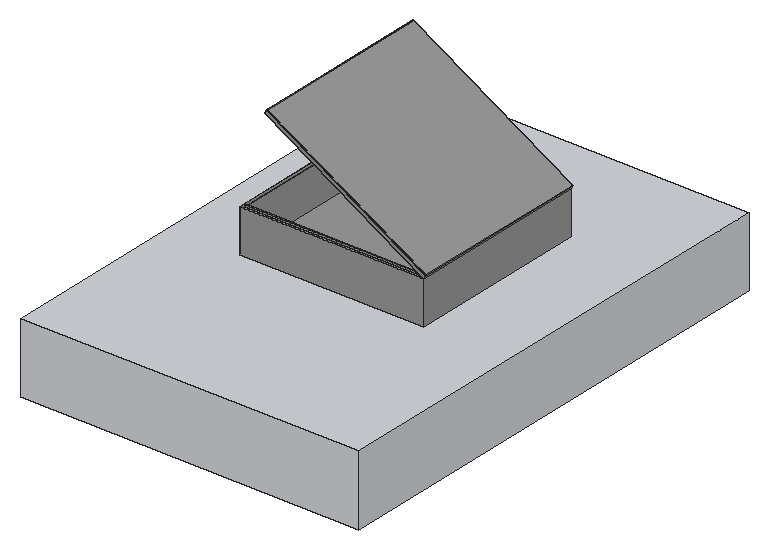
Revit family "Hager-Univers-IP44-D205-H800-Cl.II-Encl-CH-de", category Equipement électrique, Revit 2020
Family settings
  Hôte = Face
  Configuration du panneau = Deux colonnes, circuits au sein
  Cote de connecteur circulaire = Utiliser le diamètre
  Type d'élément = Tableau de raccordement
  Couper avec des vides une fois chargée = Non
  Partagée = Non
  Point de calcul de pièce = Non
Parameters (values of type "Aufputz IP44 B800 H800 T205  - FP53QS")
  Width Control [instance] = if([EF000008 - Breite] > Min Width, [EF000008 - Breite], Min Width)  # 800 mm
  Commentaires du type = [HG000003 - Bereich]  # "Univers"
  Thickness Door [instance] = if([EF009171 - Materialstärke Tür/Deckel] > 3 mm, 3 mm, [EF009171 - Materialstärke Tür/Deckel])  # 1 mm
  Seal Frame Offset [instance] = 17 mm  # constant formula
  Plinth Visibility [instance] = [HG000027 - Sockelhöhe] > 0 mm  # no
  Model = ""
  Min Width [instance] = 100 mm  # constant formula
  Min Height [instance] = 100 mm  # constant formula
  Min Depth [instance] = (2 * [EF009170 - Materialstärke Gehäuse]) + 1 mm  # 3 mm
  Internal Frame Depth [instance] = (Door System Depth * 0.5)  # 9 mm
  Height Control [instance] = if([EF000040 - Höhe] > Min Height, [EF000040 - Höhe], Min Height)  # 800 mm
  HG000027 - Sockelhöhe = 0 mm
  HG000026 - Stehend auf dem Boden = no
  HG000024 - Höhe des unteren Teils = 800 mm
  HG000023 - Gehäuse mit doppeltem Querschnitt = no
  HG000016 - 3D-Türsichtbarkeit [instance] = yes
  HG000015 - Sichtbarkeit der Türöffnung [instance] = no
  HG000014 - Tür rechts [instance] = yes
  HG000013 - Tür links [instance] = not([HG000014 - Tür rechts])  # no
  HG000012 - Türschwenkwinkel [instance] = 30.00°
  HG000010 - Asymmetrische Türen = no
  HG000009 - Doppelflügeligen Tür = no
  HG000006 - Unterputz = no
  HG000004 - Herstellerreferenz = "FP53QS"
  HG000003 - Bereich = "Univers"
  HG000002 - Mit tür = yes
  Frame Offset Bottom [instance] = 10 mm  # constant formula
  Frame Offset [instance] = 15 mm  # constant formula
  EF015940 - Deckel mit Überdruckentlastung = no
  EF011959 - Schutzart (NEMA) = ""
  EF009554 - Anzahl der Öffnungen für Flanschplatten = 6
  Fabricant = "Hager"  # constant formula
  EF009212 - Ausführung Deckel = "EV000116 - geschlossen"
  EF009171 - Materialstärke Tür/Deckel = 1 mm
  EF009170 - Materialstärke Gehäuse = 1 mm
  EF008873 - Nennstrom (In) = 250 A
  EF007800 - Geeignet für Blitzschutz = no
  EF006306 - Mit Schloss = no
  EF006244 - Transparenter Deckel/Tür = no
  EF005474 - Schutzart (IP) = "EV006418 - IP44"
  EF004464 - Art der Tür = "EV002646 - Einzel"
  EF004427 - Anzahl der Module = 180
  EF004293 - Schlagfestigkeit = "EV006815 - IK09"
  EF003532 - Geeignet für Außengebrauch = no
  EF002950 - Breite in Teilungseinheiten = 36
  EF001613 - Funktionserhalt = "EV000494 - ohne"
  EF001596 - Werkstoff des Gehäuses = "EV000179 - Stahl"
  EF001131 - Innentiefe = 143 mm
  EF001088 - Anbaumöglichkeit = yes
  EF000437 - Anzahl der Leitungseinführungen = 6
  EF000339 - Art der Abdeckung = "EV001012 - Deckel"
  EF000266 - Anzahl der Reihen = 5
  EF000218 - Einbautiefe = 0 mm
  EF000118 - Mit Montageplatte = no
  EF000116 - RAL-Nummer = "9010"
  EF000049 - Tiefe = 205 mm
  EF000040 - Höhe = 800 mm
  EF000008 - Breite = 800 mm
  EF000007 - Farbe = "EV000202 - weiß"
  EF000003 - Montageart = "EV000384 - Aufputz"
  Door System Leaf Tolerance [instance] = 1.5 mm  # constant formula
  Door System Depth [instance] = 18 mm  # constant formula
  Door Height [instance] = Height Control - [HG000027 - Sockelhöhe]  # 800 mm
  Depth Control [instance] = if([EF000049 - Tiefe] > Min Depth, [EF000049 - Tiefe], Min Depth)  # 205 mm
  Default Elevation = 0 mm
  Connector Offset [instance] = Height Control / 2  # 400 mm
  Bottom Top Plate Trim [instance] = 1.5 mm  # constant formula
  Plinth height Ctrl [instance] = if([HG000027 - Sockelhöhe] > 0 mm, [HG000027 - Sockelhöhe], 12 mm)  # 12 mm
Types (5, lengths in mm): name | Width Control | HG000009 - Doppelflügeligen Tür | HG000004 - Herstellerreferenz | EF009554 - Anzahl der Öffnungen für Flanschplatten | EF004464 - Art der Tür | EF004427 - Anzahl der Module | EF002950 - Breite in Teilungseinheiten | EF000437 - Anzahl der Leitungseinführungen | EF000008 - Breite
  Aufputz IP44 B1050 H800 T205  - FP54QS | 1050 | no | "FP54QS" | 8 | "EV003602 - Doppel" | 240 | 48 | 8 | 1050
  Aufputz IP44 B1300 H800 T205  - FP55QS | 1300 | yes | "FP55QS" | 10 | "EV003602 - Doppel" | 300 | 60 | 10 | 1300
  Aufputz IP44 B300 H800 T205  - FP51QS | 300 | no | "FP51QS" | 2 | "EV002646 - Einzel" | 60 | 12 | 2 | 300
  Aufputz IP44 B550 H800 T205  - FP52QS | 550 | no | "FP52QS" | 4 | "EV002646 - Einzel" | 120 | 24 | 4 | 550
  Aufputz IP44 B800 H800 T205  - FP53QS | 800 | no | "FP53QS" | 6 | "EV002646 - Einzel" | 180 | 36 | 6 | 800
Reference planes
  plane 1 "Center (Front/Back)": y = 0
  plane 2: z = 0
  plane 3 "Center (Left/Right)": x = 0
  plane 4: z = 205
  plane 5: y = 1
  plane 6: y = 400
  plane 7: y = 0
  plane 8: y = 800
  plane 9: z = 0
  plane 10: x = -385
  plane 11: x = 385
  plane 12: x = 384
  plane 13: x = -384
  plane 14: y = 799
  plane 15: x = -383
  plane 16: x = -400
  plane 17: x = 383
  plane 18: x = 400
  plane 19: x = 399
  plane 20: x = -399
  plane 21: y = 11
  plane 22: y = 800
  plane 23: y = 784
  plane 24: z = 187
  plane 25: z = 1
  plane 26: z = 186
  plane 27: z = 204
Forms (mm)
  Extrusion 1, solid
    sketch origin (0, 0, 0) x (1, 0, 0) y (0, 1, 0)
      loop
        line (-702.964, 1305) -> (-702.964, -811.445) -> (766.763, -811.445) -> (766.763, 1305) -> (-702.964, 1305)
    from 0 to -304.8
  Extrusion 2, solid, material "Hager_Steel_RAL7035_Light_Grey", visible <- "Plinth Visibility", detail levels medium+fine
    sketch origin (0, 0, 0) x (1, 0, 0) y (0, 1, 0)
      loop
        line (-400, 0) -> (400, 0) -> (400, 12) -> (-400, 12) -> (-400, 0)
    from 0 to 187
  Extrusion 3, solid, material "Hager_Steel_RAL7035_Light_Grey", detail levels medium+fine
    sketch origin (0, 0, 0) x (1, 0, 0) y (0, 1, 0)
      loop
        line (-400, 0) -> (400, 0) -> (400, 800) -> (-400, 800) -> (-400, 0)
    from 0 to 187
  Extrusion 4, void
    sketch origin (0, 0, 0) x (1, 0, 0) y (0, 1, 0)
      loop
        line (-399, 1) -> (399, 1) -> (399, 799) -> (-399, 799) -> (-399, 1)
    from 1 to 186
  Extrusion 5, void
    sketch origin (-381.607, -4572, 187) x (0, -1, 0) y (-1, 0, 0)
      loop
        line (-4583, 2.393) -> (-5356, 2.393) -> (-5356, -765.607) -> (-4583, -765.607) -> (-4583, 2.393)
    from 0 to 1 <- "EF009170 - Materialstärke Gehäuse"
  Extrusion 6, solid, material "Hager_Steel_RAL7035_Light_Grey", detail levels fine
    sketch origin (0, 0, 187) x (1, 0, 0) y (0, 1, 0)
      loop
        line (-384, 784) -> (-384, 11) -> (384, 11) -> (384, 784) -> (-384, 784)
      loop
        line (-385, 10) -> (385, 10) -> (385, 785) -> (-385, 785) -> (-385, 10)
    from 0 to 9 <- "Internal Frame Depth"
  Extrusion 7, solid, material "Hager_Steel_RAL7035_Light_Grey", detail levels coarse
    sketch origin (0, 0, 0) x (1, 0, 0) y (0, 1, 0)
      loop
        line (-400, 0) -> (400, 0) -> (400, 800) -> (-400, 800) -> (-400, 0)
    from 0 to 205
  Sweep 8, void
    path in 3D
      loop
        line (-400, 12, 0) -> (400, 12, 0) -> (400, 12, 187) -> (-400, 12, 187) -> (-400, 12, 0)
    profile origin (-400, 12, 93.5) x (-1, 0, 0) y (0, -1, 0)
      loop
        line (0, 0) -> (0, 1.5) -> (-1.5, 1.5)
        arc (-1.5, 1.5) -> (-1.061, 0.439) -> (0, 0) r 1.5
Cuts and joins
  Extrusion 4, Extrusion 5 cuts Extrusion 3
  Sweep 8 cuts Extrusion 2
Lines and regions (mm)
  Masking region 1
    outline origin (0, 0, 0) x (1, 0, 0) y (0, 0, 1)
      loop
        line (-400, 205) -> (-400, 0) -> (400, 0) -> (400, 205) -> (-400, 205)
  Masking region 2, detail levels medium+fine
    outline origin (0, 140, 0) x (0, 1, 0) y (0, 0, 1)
      loop
        line (-140, 0) -> (660, 0) -> (660, 187) -> (-140, 187) -> (-140, 0)
  Masking region 3, not visible, detail levels medium+fine
    outline origin (0, 297.922, 0) x (0, 1, 0) y (0, 0, 1)
      loop
        line (113.578, 0) -> (153.578, 0) -> (153.578, 194)
        arc (153.578, 194) -> (150.649, 201.071) -> (143.578, 204) r 10
        line (143.578, 204) -> (113.578, 204) -> (113.578, 0)
  Masking region 4, detail levels coarse
    outline origin (0, 0, 180) x (0, 1, 0) y (0, 0, 1)
      loop
        line (0, -180) -> (800, -180) -> (800, 25) -> (0, 25) -> (0, -180)
  Masking region 5, visible <- "Plinth Visibility", detail levels medium+fine
    outline origin (0, 52.24, 12.345) x (0, 0, -1) y (0, 1, 0)
      loop
        line (10.845, -40.24) -> (-173.155, -40.24)
        arc (-173.155, -40.24) -> (-173.594, -41.301) -> (-174.655, -41.74) r 1.5
        line (-174.655, -41.74) -> (-174.655, -52.24) -> (12.345, -52.24) -> (12.345, -41.74)
        arc (12.345, -41.74) -> (11.285, -41.301) -> (10.845, -40.24) r 1.5
  Masking region 6, detail levels medium+fine
    outline origin (-381.607, -4572, 187) x (-1, 0, 0) y (0, -1, 0)
      loop
        line (18.393, -5372) -> (18.393, -4572) -> (-781.607, -4572) -> (-781.607, -5372) -> (18.393, -5372)
  Masking region 7, visible <- "Plinth Visibility", detail levels medium+fine
    outline origin (-381.607, -4727, 187) x (-1, 0, 0) y (0, -1, 0)
      loop
        arc (16.893, -4739) -> (17.332, -4737.939) -> (18.393, -4737.5) r 1.5
        line (18.393, -4737.5) -> (18.393, -4727) -> (-781.607, -4727) -> (-781.607, -4737.5)
        arc (-781.607, -4737.5) -> (-780.546, -4737.939) -> (-780.107, -4739) r 1.5
        line (-780.107, -4739) -> (16.893, -4739)
  Masking region 8, detail levels coarse
    outline origin (-442.548, -4669.526, 187) x (-1, 0, 0) y (0, -1, 0)
      loop
        line (-42.548, -5469.526) -> (-42.548, -4669.526) -> (-842.548, -4669.526) -> (-842.548, -5469.526) -> (-42.548, -5469.526)
  sketch lines
    curve 1: line (-400, 12, 187) -> (-400, 12, 0)
    curve 2: line (400, 12, 187) -> (-400, 12, 187)
    curve 3: line (400, 12, 187) -> (400, 12, 0)
    curve 4: line (-400, 12, 0) -> (400, 12, 0)
Dimensions and locks
  "Depth Control": plane 4 to Extrusion 1
  "HG000027 - Sockelhöhe": plane 1 "Center (Front/Back)" to plane 7
  "EF009170 - Materialstärke Gehäuse": plane 5 to plane 7
  locked: connector elem to plane 3 "Center (Left/Right)"
  equal spacing: plane 8, plane 6, plane 7
  locked: connector elem to plane 6
  "EF009170 - Materialstärke Gehäuse": plane 8 to plane 14
  "EF009170 - Materialstärke Gehäuse": plane 10 to plane 13
  "EF009170 - Materialstärke Gehäuse": plane 12 to plane 11
  "Frame Offset": plane 20 to plane 13
  "Frame Offset": plane 12 to plane 19
  "EF009170 - Materialstärke Gehäuse": plane 16 to plane 20
  "EF009170 - Materialstärke Gehäuse": plane 19 to plane 18
  "Seal Frame Offset": plane 16 to plane 15
  "Seal Frame Offset": plane 17 to plane 18
  "Frame Offset Bottom": plane 21 to plane 5
  "Frame Offset": plane 14 to plane 23
  equal spacing: plane 16, plane 3 "Center (Left/Right)", plane 18
  "Width Control": plane 16 to plane 18
  "EF009170 - Materialstärke Gehäuse": plane 4 to plane 27
  "EF009170 - Materialstärke Gehäuse": plane 24 to plane 26
  "EF009170 - Materialstärke Gehäuse": plane 25 to level
  "Door System Depth": plane 4 to plane 24
  "Height Control": plane 1 "Center (Front/Back)" to Extrusion 7 sketch curve
  "Height Control": Masking region 4 sketch curve to plane 1 "Center (Front/Back)"
  "Height Control": plane 1 "Center (Front/Back)" to plane 22
  "Bottom Top Plate Trim": profile plane to Sweep 8 sketch curve
  "Bottom Top Plate Trim": Sweep 8 sketch curve to profile plane
  "Plinth height Ctrl": plane 1 "Center (Front/Back)" to Extrusion 2 sketch curve
  "Plinth height Ctrl": Masking region 5 sketch curve to plane 1 "Center (Front/Back)"
  "Plinth height Ctrl": plane 1 "Center (Front/Back)" to Masking region 7 sketch curve
  "Thickness Door": Extrusion 6 sketch curve to Extrusion 6 sketch curve  (x3)
  "Thickness Door": cut or joined group of Extrusion 3, Extrusion 4, Extrusion 5 to Extrusion 6 sketch curve
  radius of Masking region 3 sketch curve = 10 mm
  "Bottom Top Plate Trim": radius of Masking region 5 sketch curve  (x2)
  "Bottom Top Plate Trim": radius of Sweep 8 sketch curve
  "Bottom Top Plate Trim": radius of Masking region 7 sketch curve  (x2)
  aligned and locked: plane 2 to Extrusion 1
  aligned and locked: level to Extrusion 1
  aligned and locked: level to Masking region 1 sketch curve
  aligned and locked: Masking region 1 sketch curve to plane 18
  aligned and locked: Masking region 1 sketch curve to plane 16
  aligned and locked: plane 7 to Masking region 2 sketch curve
  aligned and locked: level to Masking region 3 sketch curve
  aligned and locked: Masking region 3 sketch curve to plane 27
  aligned and locked: level to Masking region 2 sketch curve
  aligned and locked: plane 1 "Center (Front/Back)" to Extrusion 2 sketch curve
  aligned and locked: Extrusion 3 sketch curve to plane 7
  aligned and locked: plane 16 to Extrusion 3 sketch curve
  aligned and locked: plane 18 to Extrusion 3 sketch curve
  aligned and locked: plane 20 to Extrusion 4 sketch curve
  aligned and locked: plane 19 to Extrusion 4 sketch curve
  aligned and locked: Extrusion 4 sketch curve to plane 5
  aligned and locked: Extrusion 4 to plane 25
  aligned and locked: plane 26 to Extrusion 4
  aligned and locked: plane 24 to Extrusion 3
  aligned and locked: Extrusion 5 sketch curve to plane 21
  aligned and locked: Extrusion 5 sketch curve to plane 13
  aligned and locked: Extrusion 5 sketch curve to plane 12
  aligned and locked: plane 18 to Extrusion 7 sketch curve
  aligned and locked: plane 1 "Center (Front/Back)" to Extrusion 7 sketch curve
  aligned and locked: plane 16 to Extrusion 7 sketch curve
  aligned and locked: plane 4 to Extrusion 7
  aligned and locked: Extrusion 7 to level
  aligned and locked: level to Masking region 4 sketch curve
  aligned and locked: Masking region 4 sketch curve to plane 1 "Center (Front/Back)"
  aligned and locked: Masking region 4 sketch curve to plane 4
  aligned and locked: nested 1 to level
  aligned and locked: nested 1 to plane 16
  aligned and locked: plane 8 to Extrusion 3 sketch curve
  aligned and locked: plane 23 to Extrusion 5 sketch curve
  aligned and locked: plane 14 to Extrusion 4 sketch curve
  aligned and locked: Masking region 2 sketch curve to plane 8
  aligned and locked: level to Masking region 5 sketch curve
  aligned and locked: plane 16 to Extrusion 2 sketch curve
  aligned and locked: plane 18 to Extrusion 2 sketch curve
  aligned and locked: Masking region 5 sketch curve to plane 24
  aligned and locked: Masking region 2 sketch curve to plane 24
  aligned and locked: plane 24 to Extrusion 2
  aligned and locked: profile plane to Sweep 8 sketch curve  (x2)
  aligned and locked: Masking region 6 sketch curve to plane 18
  aligned and locked: Masking region 6 sketch curve to plane 22
  aligned and locked: Masking region 6 sketch curve to plane 16
  aligned and locked: plane 8 to plane 22
  aligned and locked: Masking region 6 sketch curve to plane 7
  aligned and locked: Masking region 7 sketch curve to plane 16
  aligned and locked: Masking region 7 sketch curve to plane 1 "Center (Front/Back)"
  aligned and locked: Masking region 7 sketch curve to plane 18
  aligned and locked: Masking region 8 sketch curve to plane 1 "Center (Front/Back)"
  aligned and locked: Masking region 8 sketch curve to plane 18
  aligned and locked: Masking region 8 sketch curve to plane 22
  aligned and locked: Masking region 8 sketch curve to plane 16
  aligned and locked: nested 2 to plane 7
  aligned and locked: plane 3 "Center (Left/Right)" to nested 2
  aligned and locked: nested 2 to plane 24
  aligned and locked: Extrusion 6 sketch curve to cut or joined group of Extrusion 3, Extrusion 4, Extrusion 5  (x4)
Automatic sketch dimensions
  Extrusion 1 sketch curve to Extrusion 1 sketch curve = 1469.727 mm
  Extrusion 1 sketch curve to Extrusion 1 sketch curve = 2116.445 mm
  Masking region 1 sketch curve to plane 4 = 0 mm
  plane 6 to Masking region 3 sketch curve = 11.5 mm
  Masking region 3 sketch curve to Masking region 3 sketch curve = 30 mm
  Masking region 5 sketch curve to plane 1 "Center (Front/Back)" = 0 mm
Nested families
  nested 1: "Hager_Enclosure_Symbol" at (-400, 0, 0) x (1, 0, 0) z (0, -1, 0), Height <- "Depth Control", Width <- "Width Control", type "Hager_Enclosure_Symbol"
    with Width_Ctrl 800 mm, Width 800 mm, Height_Ctrl 205 mm, Height 205 mm, A_Width_Int 13.453 mm, A_Width 161.438 mm, A_Height_Ctrl 179.375 mm, A_Height 179.375 mm
  nested 2: "EC000058_Univers_Door" at (0, 0, 187) x (1, 0, 0) z (0, 1, 0), Leaf_Tolerance <- "Door System Leaf Tolerance", Angle <- "HG000012 - Türschwenkwinkel", Door_Depth <- "Door System Depth", Door_Left <- "HG000013 - Tür links", Transparent <- "EF006244 - Transparenter Deckel/Tür", Assymetrical <- "HG000010 - Asymmetrische Türen", Width <- "Width Control", Clearance <- "HG000015 - Sichtbarkeit der Türöffnung", Double <- "HG000009 - Doppelflügeligen Tür", 3d_Door <- "HG000016 - 3D-Türsichtbarkeit", Lock_Visibility <- "EF006306 - Mit Schloss", Width_Ctrl <- "Width Control", Door_Right <- "HG000014 - Tür rechts", Door <- "HG000002 - Mit tür", Height <- "Door Height", Thickness <- "Thickness Door", type "EC000058_Univers_Door", detail levels medium+fine
    with min_wh 3 mm, Width_Ctrl 800 mm, Width 800 mm, Transparent no, Thickness 1 mm, Seal_Material Hager_Rubber, Lock_Visibility no, Lock_Material Hager_Plastic_RAL9005_Jet_Black, Leaf_Width 800 mm, Leaf_Tolerance_External_Sides 0 mm, Leaf_Tolerance 1.5 mm, Leaf_Offset 0 mm, Leaf_Height 797 mm, Leaf_2_Width 800 mm, Leaf_2_Offset 400 mm, Leaf_1_Width 800 mm, Leaf_1_Offset 400 mm, Height_Ctrl 800 mm, Height 800 mm, Glass_Material Hager_Glass, Double_Clearance_Ctrl no, Double no, Door_Right_Ctrl yes, Door_Right yes, Door_Material Hager_Steel_RAL7035_Light_Grey, Door_Left_Ctrl no, Door_Left no, Door_Depth 18 mm, Door yes, Clearance_Material Hager_Clearance, Clearance_Depth 800 mm, Clearance_Ctrl no, Clearance no, Assymetrical no, Angle 30.00°, 3d_Door yes
Connectors
  electrical at (0, 400, 0)
    settings: on plane 9, index 1, voltage 0 V, apparent load 0 VA, apparent load phase1 0 VA, apparent load phase2 0 VA, apparent load phase3 0 VA, power factor 1, load classification "Other", number of poles 1, system type 30, power factor state 1, is connector primary yes, connector utility no, sub classification motor no, connector description ""
Definition of nested family "EC000058_Univers_Door"
  Parameters (values of type "EC000058_Univers_Door")
    min_wh [instance] = (2 * Thickness) + 1 mm  # 11 mm
    Width_Ctrl [instance] = 400 mm
    Width [instance] = 500 mm
    Transparent [instance] = yes
    Thickness [instance] = 5 mm
    Seal_Material [instance] = none
    Lock_Visibility [instance] = yes
    Lock_Material [instance] = none
    Leaf_Width [instance] = if((Width_Ctrl - 2 * Leaf_Tolerance_External_Sides) > 0 mm, (Width_Ctrl - 2 * Leaf_Tolerance_External_Sides), min_wh)  # 400 mm
    Leaf_Tolerance_External_Sides [instance] = 0 mm  # constant formula
    Leaf_Tolerance [instance] = 1.5 mm
    Leaf_Offset [instance] = 0 mm  # constant formula
    Leaf_Height [instance] = if((Height_Ctrl - 2 * Leaf_Tolerance) > 0 mm, (Height_Ctrl - 2 * Leaf_Tolerance), min_wh)  # 497 mm
    Leaf_2_Width [instance] = if(and(and(Double, Assymetrical), Door_Left), (Leaf_Width / 3) - (Leaf_Tolerance / 2), if(and(and(Double, Assymetrical), Door_Right), (Leaf_Width / 3) * 2 - (Leaf_Tolerance / 2), if(and(Double, not(Assymetrical)), (Leaf_Width / 2) - Leaf_Tolerance, Leaf_Width)))  # 400 mm
    Leaf_2_Offset [instance] = if(and(Double, Assymetrical), Leaf_2_Width / 2, if(and(Double, not(Assymetrical)), Leaf_Width / 4, Leaf_Width / 2))  # 200 mm
    Leaf_1_Width [instance] = if(and(and(Double, Assymetrical), Door_Right), (Leaf_Width / 3) - (Leaf_Tolerance / 2), if(and(and(Double, Assymetrical), Door_Left), (Width / 3) * 2 - (Leaf_Tolerance / 2), if(and(Double, not(Assymetrical)), (Leaf_Width / 2) - Leaf_Tolerance, Leaf_Width)))  # 400 mm
    Leaf_1_Offset [instance] = if(and(Double, Assymetrical), Leaf_1_Width / 2, if(and(Double, not(Assymetrical)), Leaf_Width / 4, Leaf_Width / 2))  # 200 mm
    Height_Ctrl [instance] = if(Height > min_wh, Height, min_wh)  # 500 mm
    Height [instance] = 500 mm
    Glass_Material [instance] = none
    Double_Clearance_Ctrl [instance] = and(Double, Clearance)  # no
    Double [instance] = no
    Door_Right_Ctrl [instance] = and(or(Door_Right, Double), Door)  # yes
    Door_Right [instance] = yes
    Door_Material [instance] = none
    Door_Left_Ctrl [instance] = and(or(Door_Left, Double), Door)  # no
    Door_Left [instance] = no
    Door_Depth [instance] = 30 mm
    Door [instance] = yes
    Default Elevation = 1219.2 mm
    Clearance_Material [instance] = none
    Clearance_Depth [instance] = if(Leaf_1_Width > Leaf_2_Width, Leaf_1_Width, Leaf_2_Width)  # 400 mm
    Clearance_Ctrl [instance] = and(not(Double), Clearance)  # yes
    Clearance [instance] = yes
    Assymetrical [instance] = yes
    Angle [instance] = 30.00°
    3d_Door [instance] = yes
  Reference planes
    plane 1 "Center (Front/Back)": y = 0
    plane 2 "Bottom": z = 0
    plane 3 "Center (Left/Right)": x = 0
    plane 4: z = 500
    plane 5: x = -200
    plane 6: x = 200
    plane 7: z = 500
    plane 8: x = -200
    plane 9: z = 0
    plane 10: x = 200
    plane 11: y = 0
    plane 12: z = 1.5
    plane 13: x = -600
    plane 14: y = -400
    plane 15: x = 600
    plane 16: x = 0
    plane 17: x = 0
    plane 18: x = -200
    plane 19: x = 200
    plane 20: z = 498.5
  Forms (mm)
    Extrusion 1, solid, material <- "Clearance_Material", visible <- "Double_Clearance_Ctrl"
      sketch origin (1200, 0, 0) x (1, 0, 0) y (0, 0, -1)
        loop
          line (-1800, -498.5) -> (-600, -498.5) -> (-600, 0) -> (-1800, 0) -> (-1800, -498.5)
      from 0 to -400
  Dimensions and locks
    equal spacing: plane 5, plane 3 "Center (Left/Right)", plane 6
    "Width_Ctrl": plane 5 to plane 6
    "Leaf_Offset": plane 5 to plane 8
    "Leaf_Offset": plane 6 to plane 10
    "Leaf_Offset": plane 9 to level
    "Leaf_Offset": plane 4 to plane 7
    "Height_Ctrl": plane 4 to level
    "Leaf_Tolerance": plane 12 to plane 9
    locked: plane 11 to plane 1 "Center (Front/Back)"
    "Leaf_1_Offset": plane 18 to plane 16
    "Leaf_2_Offset": plane 17 to plane 19
    "Leaf_1_Width": plane 13 to plane 8
    "Leaf_2_Width": plane 10 to plane 15
    "Clearance_Depth": plane 14 to plane 1 "Center (Front/Back)"
    "Leaf_Tolerance_External_Sides": plane 8 to plane 18
    "Leaf_Tolerance_External_Sides": plane 19 to plane 10
    "Leaf_Tolerance": plane 7 to plane 20
    aligned and locked: level to plane 2 "Bottom"
    aligned and locked: nested 1 to plane 16
    aligned and locked: nested 2 to plane 17
    aligned and locked: Extrusion 1 to plane 13
    aligned and locked: plane 15 to Extrusion 1
    aligned and locked: Extrusion 1 to plane 14
    aligned and locked: plane 12 to nested 1
    aligned and locked: nested 2 to plane 12
    aligned and locked: Extrusion 1 to plane 11
    aligned and locked: plane 20 to Extrusion 1
    aligned and locked: nested 2 to plane 11
    aligned and locked: nested 1 to plane 11
  Automatic sketch dimensions
    Extrusion 1 sketch curve to level = 0 mm
    plane 5 to Extrusion 1 sketch curve = 400 mm
    plane 6 to Extrusion 1 sketch curve = 400 mm
    Extrusion 1 sketch curve to plane 4 = 1.5 mm
  Nested families
    nested 1: "EC000058_Univers_Door_Leaf" at (0, 0, 1.5), Width <- "Leaf_1_Width", visible <- "Door_Left_Ctrl", Leaf_Height <- "Leaf_Height", Angle <- "Angle", 3d_Door <- "3d_Door", Transparent <- "Transparent", Clearance Material <- "Clearance_Material", Clearance <- "Clearance_Ctrl", Door_Material <- "Door_Material", Glass_Material <- "Glass_Material", Door_Depth <- "Door_Depth", Lock_Material <- "Lock_Material", Seal_Material <- "Seal_Material", Lock_Visibility <- "Lock_Visibility", Thickness <- "Thickness", type "EC000058_Univers_Door_Leaf"
      with Width 400 mm, Transparent_Glass_Offset 30 mm, Transparent_Ctrl yes, Transparent yes, Thickness 5 mm, Standard no, Seal_Material none, Seal_D2 8 mm, Seal_D1 1 mm, Offset_Internal_Frame 10 mm, Lock_Width 20 mm, Lock_Visibility_3d yes, Lock_Visibility yes, Lock_Thickness_3 3 mm, Lock_Thickness_2 1 mm, Lock_Thickness_1 3 mm, Lock_Radius_Offset_2 16 mm, Lock_Radius_Offset_1 15 mm, Lock_Radius_2 5 mm, Lock_Radius 6 mm, Lock_Offset 5 mm, Lock_Material none, Lock_Height 80 mm, Lock_Cover_Top_Offset_2d 17 mm, Lock_Cover_Height -65 mm, Leaf_Height 497 mm, Internal_Seal_Thickness 8 mm, Internal_Seal_Depth_2 4.5 mm, Internal_Frame_Depth 25 mm, Glass_Thickness -1 mm, Glass_Offset -2 mm, Glass_Material none, Door_Material none, Door_Depth 30 mm, Clearance Material none, Clearance yes, Angle_Ctrl 30.00°, Angle 30.00°, 3d_Door yes
    nested 2: "EC000058_Univers_Door_Leaf" at (0, 0, 1.5) x (-1, 0, 0) z (0, 0, 1), Width <- "Leaf_2_Width", visible <- "Door_Right_Ctrl", Leaf_Height <- "Leaf_Height", Angle <- "Angle", 3d_Door <- "3d_Door", Transparent <- "Transparent", Clearance Material <- "Clearance_Material", Clearance <- "Clearance_Ctrl", Door_Material <- "Door_Material", Glass_Material <- "Glass_Material", Door_Depth <- "Door_Depth", Lock_Material <- "Lock_Material", Seal_Material <- "Seal_Material", Lock_Visibility <- "Lock_Visibility", Thickness <- "Thickness", type "EC000058_Univers_Door_Leaf"
      with Width 400 mm, Transparent_Glass_Offset 30 mm, Transparent_Ctrl yes, Transparent yes, Thickness 5 mm, Standard no, Seal_Material none, Seal_D2 8 mm, Seal_D1 1 mm, Offset_Internal_Frame 10 mm, Lock_Width 20 mm, Lock_Visibility_3d yes, Lock_Visibility yes, Lock_Thickness_3 3 mm, Lock_Thickness_2 1 mm, Lock_Thickness_1 3 mm, Lock_Radius_Offset_2 16 mm, Lock_Radius_Offset_1 15 mm, Lock_Radius_2 5 mm, Lock_Radius 6 mm, Lock_Offset 5 mm, Lock_Material none, Lock_Height 80 mm, Lock_Cover_Top_Offset_2d 17 mm, Lock_Cover_Height -65 mm, Leaf_Height 497 mm, Internal_Seal_Thickness 8 mm, Internal_Seal_Depth_2 4.5 mm, Internal_Frame_Depth 25 mm, Glass_Thickness -1 mm, Glass_Offset -2 mm, Glass_Material none, Door_Material none, Door_Depth 30 mm, Clearance Material none, Clearance yes, Angle_Ctrl 30.00°, Angle 30.00°, 3d_Door yes
  Definition of nested family "EC000058_Univers_Door_Leaf"
    Parameters (values of type "EC000058_Univers_Door_Leaf")
      Width [instance] = 2000 mm
      Transparent_Glass_Offset [instance] = 30 mm
      Transparent_Ctrl [instance] = and(Transparent, [3d_Door])  # yes
      Transparent [instance] = yes
      Thickness [instance] = 5 mm
      Standard [instance] = and(not(Transparent), [3d_Door])  # no
      Seal_Material [instance] = none
      Seal_D2 [instance] = 8 mm  # constant formula
      Seal_D1 [instance] = 1 mm  # constant formula
      Offset_Internal_Frame [instance] = 10 mm  # constant formula
      Lock_Width [instance] = 20 mm  # constant formula
      Lock_Visibility_3d [instance] = and(Lock_Visibility, [3d_Door])  # yes
      Lock_Visibility [instance] = yes
      Lock_Thickness_3 [instance] = 3 mm  # constant formula
      Lock_Thickness_2 [instance] = 1 mm  # constant formula
      Lock_Thickness_1 [instance] = 3 mm  # constant formula
      Lock_Radius_Offset_2 [instance] = Lock_Radius_Offset_1 + 1 mm  # 16 mm
      Lock_Radius_Offset_1 [instance] = 15 mm  # constant formula
      Lock_Radius_2 [instance] = Lock_Radius - 1 mm  # 5 mm
      Lock_Radius [instance] = 6 mm  # constant formula
      Lock_Offset [instance] = 5 mm  # constant formula
      Lock_Material [instance] = none
      Lock_Height [instance] = 80 mm  # constant formula
      Lock_Cover_Top_Offset_2d [instance] = Lock_Radius_Offset_2 + 1 mm  # 17 mm
      Lock_Cover_Height [instance] = -(Lock_Height - Lock_Radius_Offset_1)  # -65 mm
      Leaf_Height [instance] = 2720.336 mm
      Internal_Seal_Thickness [instance] = 8 mm  # constant formula
      Internal_Seal_Depth_2 [instance] = 4.5 mm  # constant formula
      Internal_Frame_Depth [instance] = if(Door_Depth - Thickness > 5 mm, Door_Depth - Thickness, 5 mm)  # 25 mm
      Glass_Thickness [instance] = if(Thickness > 15 mm, Glass_Offset + 10 mm, -1 mm)  # -1 mm
      Glass_Offset [instance] = if(Thickness > 15 mm, -(Thickness + 10 mm) / 2, -2 mm)  # -2 mm
      Glass_Material [instance] = none
      Door_Material [instance] = none
      Door_Depth [instance] = 30 mm
      Default Elevation = 0 mm
      Clearance Material [instance] = none
      Clearance [instance] = yes
      Angle_Ctrl [instance] = if(Angle > 180.00°, 180.00°, Angle)  # 90.00°
      Angle [instance] = 90.00°
      3d_Door [instance] = yes
    Reference planes
      plane 1 "Center (Front/Back)": y = 0
      plane 2: z = 0
      plane 3 "Center (Left/Right)": x = 0
      plane 4: y = 2000
      plane 5: x = -1000
      plane 6: x = 1000
      plane 7: x = -3000
      plane 8: z = 2720.336
      plane 9: z = 30
      plane 10: z = 2690.336
      plane 11: x = 970
      plane 12: x = -970
      plane 13: y = -3
      plane 14: z = 107.833
      plane 15: y = -5
      plane 16: y = -223.314
      plane 17: x = -1000
      plane 18: z = 1360.168
      plane 19: y = 30
    Forms (mm)
      Extrusion 1, solid, material <- "Clearance Material", visible <- "Clearance"
        sketch origin (0, 0, 0) x (1, 0, 0) y (0, 0, 1)
          loop
            line (-3000, 2720.336) -> (-3000, 0) -> (1000, 0) -> (1000, 2720.336) -> (-3000, 2720.336)
        from 0 to -2000
      Extrusion 2, solid, material <- "Door_Material", visible <- "Standard", detail levels medium+fine
        sketch origin (-1000, 0, 0) x (0, 1, 0) y (-1, 0, 0)
          loop
            line (0, 30) -> (0, 25) -> (2000, 25) -> (2000, 30) -> (0, 30)
        from 0 to 2720.336 <- "Leaf_Height"
      Extrusion 3, solid, material <- "Door_Material", visible <- "Transparent_Ctrl", detail levels medium+fine
        sketch origin (-1000, 0, 0) x (0, 1, 0) y (-1, 0, 0)
          loop
            line (0, 25) -> (2000, 25) -> (2000, 30) -> (0, 30) -> (0, 25)
        from 0 to 2720.336 <- "Leaf_Height"
      Extrusion 4, void
        sketch origin (-1025, 2000, 0) x (0, 1, 0) y (0, 0, -1)
          loop
            line (-30, -2690.336) -> (-30, -30) -> (-1970, -30) -> (-1970, -2690.336) -> (-30, -2690.336)
        from 0 to 5 <- "Thickness"
      Sweep 5, solid, material <- "Seal_Material", visible <- "Transparent_Ctrl", detail levels fine
        path in 3D
          loop
            line (-1025, 30, 30) -> (-1025, 30, 2690.336) -> (-1025, 1970, 2690.336) -> (-1025, 1970, 30) -> (-1025, 30, 30)
        profile origin (-1025, 1000, 30) x (1, 0, 0) y (0, 0, 1)
          loop
            line (0, 0) -> (0, -8) -> (1, -8) -> (1, 0) -> (0, 0)
      Extrusion 6, solid, material <- "Glass_Material", visible <- "Transparent_Ctrl", detail levels medium+fine
        sketch origin (-1030, 0, 0) x (0, 1, 0) y (0, 0, -1)
          loop
            line (1970, -2690.336) -> (1970, -30) -> (30, -30) -> (30, -2690.336) -> (1970, -2690.336)
        from -2 <- "Glass_Offset" to -1 <- "Glass_Thickness"
      Extrusion 7, solid, material <- "Door_Material", visible <- "3d_Door", detail levels medium+fine
        sketch origin (-1025, 2000, 0) x (0, -1, 0) y (0, 0, -1)
          loop
            line (0, -2720.336) -> (2000, -2720.336) -> (2000, 0) -> (0, 0) -> (0, -2720.336)
          loop
            line (1995, -5) -> (5, -5) -> (5, -2715.336) -> (1995, -2715.336) -> (1995, -5)
        from 0 to 25 <- "Internal_Frame_Depth"
      Sweep 8, solid, material <- "Seal_Material", visible <- "Transparent_Ctrl", detail levels fine
        path in 3D
          loop
            line (-1025, 0, 0) -> (-1025, 2000, 0) -> (-1025, 2000, 2720.336) -> (-1025, 0, 2720.336) -> (-1025, 0, 0)
        profile origin (-1025, 0, 1360.168) x (1, 0, 0) y (0, 1, 0)
          loop
            line (0, 10) -> (2.975, 10)
            arc (2.975, 10) -> (4.053, 10.447) -> (4.5, 11.525) r 1.525
            line (4.5, 11.525) -> (4.5, 16.527)
            arc (4.5, 16.527) -> (4.069, 17.569) -> (3.027, 18) r 1.473
            line (3.027, 18) -> (0, 18) -> (0, 10)
      Extrusion 9, solid, material <- "Lock_Material", visible <- "Lock_Visibility_3d", detail levels fine
        sketch origin (-1030, 0, 0) x (0, 1, 0) y (0, 0, -1)
          loop
            arc (1993.5, -1400.168) -> (1994.561, -1399.729) -> (1995, -1398.668) r 1.5
            line (1995, -1398.668) -> (1995, -1320.168) -> (1975, -1320.168) -> (1975, -1398.668)
            arc (1975, -1398.668) -> (1975.439, -1399.729) -> (1976.5, -1400.168) r 1.5
            line (1976.5, -1400.168) -> (1993.5, -1400.168)
        from 3 <- "Lock_Thickness_1" to 0
      Blend 10, solid, material <- "Lock_Material", visible <- "Lock_Visibility_3d", detail levels fine
        base sketch origin (-1033, 0, 0) x (0, 1, 0) y (0, 0, -1)
          loop
            line (1975, -1320.168) -> (1975, -1398.668)
            arc (1975, -1398.668) -> (1975.439, -1399.729) -> (1976.5, -1400.168) r 1.5
            line (1976.5, -1400.168) -> (1993.5, -1400.168)
            arc (1993.5, -1400.168) -> (1994.561, -1399.729) -> (1995, -1398.668) r 1.5
            line (1995, -1398.668) -> (1995, -1320.168) -> (1975, -1320.168)
        top sketch origin (-1033, 0, 0) x (0, 1, 0) y (0, 0, -1)
          loop
            line (1976, -1320.168) -> (1976, -1398.668)
            arc (1976, -1398.668) -> (1976.146, -1399.022) -> (1976.5, -1399.168) r 0.5
            line (1976.5, -1399.168) -> (1993.5, -1399.168)
            arc (1993.5, -1399.168) -> (1993.854, -1399.022) -> (1994, -1398.668) r 0.5
            line (1994, -1398.668) -> (1994, -1320.168) -> (1976, -1320.168)
        from 0 to 1 <- "Lock_Thickness_2"
      Blend 11, solid, material <- "Lock_Material", visible <- "Lock_Visibility_3d", detail levels fine
        base sketch origin (-1034, 0, 0) x (0, 1, 0) y (0, 0, -1)
          loop
            line (1978, -1320.168) -> (1978, -1384.168)
            arc (1978, -1384.168) -> (1985, -1391.168) -> (1992, -1384.168) r 7
            line (1992, -1384.168) -> (1992, -1320.168) -> (1978, -1320.168)
        top sketch origin (-1034, 0, 0) x (0, 1, 0) y (0, 0, -1)
          loop
            line (1991, -1320.168) -> (1979, -1320.168) -> (1979, -1383.168)
            arc (1979, -1383.168) -> (1985, -1389.168) -> (1991, -1383.168) r 6
            line (1991, -1383.168) -> (1991, -1320.168)
        from 0 to 3 <- "Lock_Thickness_3"
      Extrusion 12, solid, material <- "Lock_Material", visible <- "Lock_Visibility_3d", detail levels fine
        sketch origin (-1030, 1975, 1320.168) x (1, 0, 0) y (0, -1, 0)
          loop
            line (-7, -19) -> (-7, -1) -> (0, -1) -> (0, 0) -> (-8, 0) -> (-8, -20) -> (0, -20) -> (0, -19) -> (-7, -19)
        from 0 to -65 <- "Lock_Cover_Height"
      Extrusion 13, void
        sketch origin (-1038, 1995, 1320.168) x (-1, 0, 0) y (0, 0, -1)
          loop
            line (-5, -65) -> (0, -65) -> (-5, -60) -> (-5, -65)
        from 0 to 20 <- "Lock_Width"
      Extrusion 14, void
        sketch origin (-1038, 1975, 1320.168) x (0, -1, 0) y (0, 0, -1)
          loop
            circle (-10, -15.995) r 6
          loop
            circle (-10, -15.995) r 5
        from 0 to 2
      Extrusion 15, solid, material <- "Lock_Material", visible <- "Lock_Visibility_3d", detail levels medium
        sketch origin (-1030, 0, 0) x (0, 1, 0) y (0, 0, -1)
          loop
            arc (1993.5, -1400.168) -> (1994.561, -1399.729) -> (1995, -1398.668) r 1.5
            line (1995, -1398.668) -> (1995, -1320.168) -> (1975, -1320.168) -> (1975, -1398.668)
            arc (1975, -1398.668) -> (1975.439, -1399.729) -> (1976.5, -1400.168) r 1.5
            line (1976.5, -1400.168) -> (1993.5, -1400.168)
        from 8 to 0
    Cuts and joins
      Extrusion 4 cuts Extrusion 3
      Extrusion 13, Extrusion 14 cuts Extrusion 9
      Extrusion 14 cuts Blend 11
      Extrusion 13, Extrusion 14 cuts Extrusion 12
      joined: Extrusion 9, Blend 10, Blend 11, Extrusion 12
      Extrusion 14 cuts Extrusion 15
    Lines and regions (mm)
      Masking region 1, visible <- "Lock_Visibility", detail levels fine
        outline origin (0, 0, 0) x (0, 1, 0) y (0, 0, 1)
          loop
            line (30, 1320.168) -> (33, 1320.168) -> (33, 1400.168) -> (30, 1400.168) -> (30, 1320.168)
      Masking region 2, visible <- "Lock_Visibility", detail levels fine
        outline origin (0, 3.143, 0) x (0, 1, 0) y (0, 0, 1)
          loop
            line (29.857, 1354.168) -> (30.857, 1354.168) -> (30.857, 1366.168) -> (29.857, 1366.168) -> (29.857, 1354.168)
      Masking region 3, detail levels medium+fine
        outline origin (0, 0, 0) x (0, 1, 0) y (0, 0, 1)
          loop
            line (0, 0) -> (30, 0) -> (30, 2720.336) -> (0, 2720.336) -> (0, 0)
      Masking region 4, detail levels medium+fine
        outline origin (0, 0, 0) x (1, 0, 0) y (0, 0, 1)
          loop
            line (-1000, 2720.336) -> (-1000, 0) -> (1000, 0) -> (1000, 2720.336) -> (-1000, 2720.336)
      Masking region 5, visible <- "Lock_Visibility", detail levels fine
        outline origin (-47.116, 0, 0) x (1, 0, 0) y (0, 0, 1)
          loop
            arc (1024.616, 1399.168) -> (1023.556, 1398.729) -> (1023.116, 1397.668) r 1.5
            line (1023.116, 1397.668) -> (1023.116, 1320.168) -> (1041.116, 1320.168) -> (1041.116, 1397.668)
            arc (1041.116, 1397.668) -> (1040.677, 1398.729) -> (1039.616, 1399.168) r 1.5
            line (1039.616, 1399.168) -> (1024.616, 1399.168)
      Masking region 6, visible <- "Lock_Visibility", detail levels medium+fine
        outline origin (-25, 0, 0) x (1, 0, 0) y (0, 0, 1)
          loop
            arc (1001.5, 1400.168) -> (1000.439, 1399.729) -> (1000, 1398.668) r 1.5
            line (1000, 1398.668) -> (1000, 1320.168) -> (1020, 1320.168) -> (1020, 1398.668)
            arc (1020, 1398.668) -> (1019.561, 1399.729) -> (1018.5, 1400.168) r 1.5
            line (1018.5, 1400.168) -> (1001.5, 1400.168)
      Masking region 7, visible <- "Lock_Visibility", detail levels fine
        outline origin (-73.735, 0, 0) x (1, 0, 0) y (0, 0, 1)
          loop
            line (1051.735, 1382.168) -> (1065.735, 1382.168) -> (1065.735, 1384.168)
            arc (1065.735, 1384.168) -> (1058.735, 1391.168) -> (1051.735, 1384.168) r 7
            line (1051.735, 1384.168) -> (1051.735, 1382.168)
      Masking region 8, visible <- "Lock_Visibility", detail levels fine
        outline origin (-73.735, 0, 0) x (1, 0, 0) y (0, 0, 1)
          loop
            line (1052.735, 1382.168) -> (1064.735, 1382.168) -> (1064.735, 1383.168)
            arc (1064.735, 1383.168) -> (1058.735, 1389.168) -> (1052.735, 1383.168) r 6
            line (1052.735, 1383.168) -> (1052.735, 1382.168)
      Masking region 9, visible <- "Lock_Visibility", detail levels fine
        outline origin (-25, 0, 0) x (1, 0, 0) y (0, 0, 1)
          loop
            line (1020, 1320.168) -> (1020, 1382.168) -> (1000, 1382.168) -> (1000, 1320.168) -> (1020, 1320.168)
      Masking region 10, detail levels medium+fine
        outline origin (0, 0, 0) x (1, 0, 0) y (0, 0, 1)
          loop
            circle (985, 1335.144) r 6
      Masking region 11, detail levels fine
        outline origin (0, 0, 0) x (1, 0, 0) y (0, 0, 1)
          loop
            circle (985, 1335.144) r 5
      Masking region 12, visible <- "Lock_Visibility", detail levels fine
        outline origin (0, 12.767, 0) x (0, 1, 0) y (0, 0, 1)
          loop
            line (20.233, 1320.168) -> (21.233, 1320.168) -> (21.233, 1399.168) -> (20.233, 1400.168) -> (20.233, 1320.168)
      Masking region 13, visible <- "Lock_Visibility", detail levels fine
        outline origin (0, 13.767, -10) x (0, 1, 0) y (0, 0, 1)
          loop
            line (20.233, 1330.168) -> (23.233, 1330.168) -> (23.233, 1399.168) -> (20.233, 1402.168) -> (20.233, 1330.168)
      Masking region 14, visible <- "Lock_Visibility", detail levels fine
        outline origin (0, 12.767, -10) x (0, 1, 0) y (0, 0, 1)
          loop
            line (20.233, 1330.168) -> (25.233, 1330.168) -> (25.233, 1399.305) -> (20.233, 1394.305) -> (20.233, 1330.168)
      Masking region 15, visible <- "Lock_Visibility", detail levels medium
        outline origin (0, 0, 0) x (0, 1, 0) y (0, 0, 1)
          loop
            line (30, 1320.168) -> (38, 1320.168) -> (38, 1400.168) -> (30, 1400.168) -> (30, 1320.168)
      Masking region 16, visible <- "Lock_Visibility", detail levels fine
        outline origin (-1000, 0, 0) x (0, 1, 0) y (-1, 0, 0)
          loop
            line (1975, 30) -> (1995, 30) -> (1995, 38) -> (1975, 38) -> (1975, 30)
          loop
            line (1979, 37) -> (1976, 37) -> (1976, 34) -> (1978, 34) -> (1979, 37)
          loop
            line (1994, 37) -> (1991, 37) -> (1992, 34) -> (1994, 34) -> (1994, 37)
      Masking region 17, visible <- "Lock_Visibility", detail levels medium
        outline origin (-1000, 0, 0) x (0, 1, 0) y (-1, 0, 0)
          loop
            line (1975, 30) -> (1995, 30) -> (1995, 38) -> (1975, 38) -> (1975, 30)
      symbolic lines
        curve 1: line (1000, 0, 0) -> (-3000, 0, 0)
        curve 2: arc (1000, 0, 0) -> (-1000, 2000, 0) -> (-3000, 0, 0) r 2000
        curve 4: line (-1030, 0, 0) -> (-1030, 2000, 0)
      reference lines
        curve 3: line (-1000, 0, 0) -> (-1000, 2000, 0)
      symbolic lines, detail levels medium+fine
        curve 5: line (-1030, 2000, 0) -> (-1025, 2000, 0)
        curve 7: line (-1025, 0, 0) -> (-1030, 0, 0)
        curve 8: line (-1025, 0, 0) -> (-1000, 0, 0)
        curve 9: line (-1000, 0, 0) -> (-1000, 2000, 0)
        curve 10: line (-1000, 2000, 0) -> (-1025, 2000, 0)
      symbolic lines, detail levels fine
        curve 6: line (-1025, 2000, 0) -> (-1025, 0, 0)
      sketch lines
        curve 11: line (-1025, 0, 2720.336) -> (-1025, 0, 0)
        curve 12: line (-1025, 2000, 0) -> (-1025, 0, 0)
        curve 13: line (-1025, 2000, 2720.336) -> (-1025, 2000, 0)
        curve 14: line (-1025, 0, 2720.336) -> (-1025, 2000, 2720.336)
        curve 15: line (-1025, 1970, 30) -> (-1025, 30, 30)
        curve 16: line (-1025, 30, 30) -> (-1025, 30, 2690.336)
        curve 17: line (-1025, 1970, 2690.336) -> (-1025, 1970, 30)
        curve 18: line (-1025, 30, 2690.336) -> (-1025, 1970, 2690.336)
      symbolic lines, visible <- "Transparent", detail levels medium+fine
        curve 19: line (-970, 0, 2690.336) -> (970, 0, 2690.336)
        curve 20: line (-970, 0, 30) -> (-970, 0, 2690.336)
        curve 21: line (970, 0, 30) -> (-970, 0, 30)
        curve 22: line (970, 0, 2690.336) -> (970, 0, 30)
    Dimensions and locks
      "Width": plane 1 "Center (Front/Back)" to plane 4
      equal spacing: plane 5, plane 3 "Center (Left/Right)", plane 6
      "Width": plane 5 to plane 6
      "Width": plane 7 to plane 5
      "Leaf_Height": plane 8 to level
      "Width": curve 5 to curve 3
      "Width": curve 3 to curve 3
      plane 8 to plane 10 = 30 mm
      plane 9 to level = 30 mm
      plane 12 to plane 5 = 30 mm
      plane 6 to plane 11 = 30 mm
      Extrusion 1 to Extrusion 4 sketch curve = 30 mm
      "Transparent_Glass_Offset": curve 3 to Extrusion 4 sketch curve
      "Transparent_Glass_Offset": Extrusion 4 sketch curve to cut or joined group of Extrusion 3, Extrusion 4  (x2)
      cut or joined group of Extrusion 3, Extrusion 4 to Extrusion 6 sketch curve = 30 mm
      "Transparent_Glass_Offset": cut or joined group of Extrusion 3, Extrusion 4 to Extrusion 4 sketch curve
      "Thickness": curve 6 to curve 4
      "Thickness": Extrusion 7 sketch curve to Extrusion 7 sketch curve  (x4)
      "Door_Depth": curve 4 to curve 3
      "Offset_Internal_Frame": profile plane to Sweep 8 sketch curve
      "Internal_Seal_Thickness": Sweep 8 sketch curve to Sweep 8 sketch curve
      "Internal_Seal_Depth_2": profile plane to Sweep 8 sketch curve
      "Seal_D1": profile plane to Sweep 5 sketch curve
      "Seal_D2": profile plane to Sweep 5 sketch curve
      "Thickness": Extrusion 2 sketch curve to Extrusion 2 sketch curve
      equal spacing: Extrusion 9 sketch curve, plane 18, Extrusion 9 sketch curve  (x2)
      equal spacing: Masking region 1 sketch curve, plane 18, Masking region 1 sketch curve
      "Lock_Height": Masking region 1 sketch curve to Masking region 1 sketch curve
      "Lock_Radius": Masking region 2 sketch curve to plane 18 to Masking region 2 sketch curve
      Masking region 2 sketch curve to Masking region 1 = 1 mm
      "Door_Depth": plane 19 to plane 1 "Center (Front/Back)"
      "Lock_Thickness_1": Masking region 1 sketch curve to plane 19
      "Lock_Width": Extrusion 9 sketch curve to Extrusion 9 sketch curve
      "Lock_Height": Extrusion 9 sketch curve to Extrusion 9 sketch curve
      "Lock_Offset": cut or joined group of Extrusion 3, Extrusion 4 to Extrusion 9 sketch curve
      equal spacing: plane 8, plane 18, level
      "Lock_Radius_Offset_1": Blend 11 sketch curve to Blend 10
      locked: Blend 10 to Blend 11 sketch curve at 2  (x2)
      locked: var sketch to Blend 11 sketch curve at 1  (x2)
      "Lock_Radius_Offset_2": Blend 11 sketch curve to Blend 10
      locked: Extrusion 12 sketch curve to Extrusion 12 sketch curve at 1  (x3)
      Masking region 6 sketch curve to Masking region 6 sketch curve = 80 mm
      "Lock_Height": Masking region 6 sketch curve to Masking region 6 sketch curve
      "Lock_Width": Masking region 6 sketch curve to Masking region 6 sketch curve
      locked: Masking region 6 to Masking region 5 sketch curve at 1  (x3)
      locked: Masking region 5 to Masking region 7 sketch curve at 2  (x2)
      "Lock_Radius_Offset_1": Masking region 5 to Masking region 7 sketch curve
      "Lock_Radius_Offset_2": Masking region 5 to Masking region 8 sketch curve
      locked: Masking region 7 to Masking region 8 sketch curve at 1  (x2)
      "Lock_Cover_Top_Offset_2d": Masking region 5 to Masking region 9 sketch curve
      equal spacing: Masking region 9, Masking region 10 sketch curve, Masking region 9
      equal spacing: Masking region 9, Masking region 11 sketch curve, Masking region 9
      Extrusion 15 sketch curve to Extrusion 15 sketch curve = 80 mm
      "Lock_Width": Extrusion 15 sketch curve to Extrusion 15 sketch curve
      "Lock_Height": Extrusion 15 sketch curve to Extrusion 15 sketch curve
      equal spacing: Extrusion 15 sketch curve, plane 18, Extrusion 15 sketch curve
      "Lock_Thickness_3": Masking region 13 sketch curve to Masking region 13 sketch curve
      "Lock_Height": Masking region 12 sketch curve to Masking region 12 sketch curve
      locked: Masking region 13 sketch curve to Masking region 1 at 8
      locked: Masking region 14 sketch curve to Masking region 13 at 1
      locked: Masking region 14 sketch curve to Masking region 1 at 10.863
      "Lock_Height": Masking region 15 sketch curve to Masking region 15 sketch curve
      "Lock_Offset": Extrusion 15 sketch curve to cut or joined group of Extrusion 3, Extrusion 4
      "Lock_Offset": plane 6 to Masking region 6 sketch curve
      radius of Sweep 8 sketch curve = 1.525 mm
      radius of Sweep 8 sketch curve = 1.473 mm
      radius of Extrusion 9 sketch curve = 1.5 mm  (x2)
      "Lock_Radius": radius of Extrusion 14 sketch curve
      "Lock_Radius_2": radius of Extrusion 14 sketch curve
      "Lock_Radius": radius of Masking region 10 sketch curve
      "Lock_Radius_2": radius of Masking region 11 sketch curve
      radius of Extrusion 15 sketch curve = 1.5 mm  (x2)
      "Angle_Ctrl": angle plane 1 "Center (Front/Back)" to curve 3
      locked: Masking region 12 sketch curve to Masking region 12 sketch curve (angle 45.00°)
      locked: Masking region 13 sketch curve to Masking region 13 sketch curve (angle 45.00°)
      locked: Masking region 14 sketch curve to Masking region 14 sketch curve (angle 45.00°)
      aligned and locked: level to plane 2
      aligned and locked: Extrusion 1 to curve 1
      aligned and locked: plane 6 to Extrusion 1
      aligned and locked: Extrusion 1 to plane 1 "Center (Front/Back)"
      aligned and locked: plane 4 to Extrusion 1
      aligned and locked: plane 8 to Extrusion 1
      aligned and locked: curve 7 to Extrusion 2 sketch curve
      aligned and locked: curve 5 to Extrusion 2 sketch curve
      aligned and locked: curve 7 to Extrusion 3 sketch curve
      aligned and locked: Extrusion 3 sketch curve to curve 4
      aligned and locked: Extrusion 3 sketch curve to curve 6
      aligned and locked: Extrusion 3 sketch curve to curve 5
      aligned and locked: curve 9 to curve 3
      aligned and locked: Extrusion 7 sketch curve to cut or joined group of Extrusion 3, Extrusion 4  (x4)
      aligned and locked: plane 17 to curve 3
      aligned and locked: plane 1 "Center (Front/Back)" to curve 3
      aligned and locked: plane 17 to plane 5
      aligned and locked: Sweep 8 sketch curve to profile plane
      aligned and locked: Sweep 5 sketch curve to profile plane  (x2)
      aligned and locked: Masking region 1 to Masking region 2 sketch curve
      aligned and locked: plane 19 to Masking region 1 sketch curve
      aligned and locked: plane 1 "Center (Front/Back)" to Masking region 3 sketch curve
      aligned and locked: plane 19 to Masking region 3 sketch curve
      aligned and locked: level to Masking region 3 sketch curve
      aligned and locked: Masking region 3 sketch curve to plane 8
      aligned and locked: plane 17 to Masking region 4 sketch curve
      aligned and locked: level to Masking region 4 sketch curve
      aligned and locked: Masking region 4 sketch curve to plane 8
      aligned and locked: plane 12 to curve 20
      aligned and locked: plane 10 to curve 19
      aligned and locked: plane 11 to curve 22
      aligned and locked: curve 21 to plane 9
      aligned and locked: Extrusion 2 sketch curve to cut or joined group of Extrusion 3, Extrusion 4
      aligned and locked: Blend 10 sketch curve to Extrusion 9  (x4)
      aligned and locked: Extrusion 9 to Blend 10 sketch curve
      aligned and locked: Blend 10 to Blend 11 sketch curve
      aligned and locked: Extrusion 12 sketch curve to Blend 11
      aligned and locked: Extrusion 12 sketch curve to Extrusion 9  (x4)
      aligned and locked: Masking region 5 sketch curve to Masking region 6
      aligned and locked: Masking region 9 sketch curve to Masking region 6  (x3)
      aligned and locked: Masking region 12 sketch curve to Masking region 1
      aligned and locked: Masking region 13 sketch curve to Masking region 1
      aligned and locked: Masking region 12 to Masking region 14
      aligned and locked: Masking region 14 sketch curve to Masking region 1
      aligned and locked: Masking region 15 sketch curve to Masking region 14
      aligned and locked: Masking region 13 sketch curve to Masking region 12
      aligned and locked: Masking region 16 sketch curve to cut or joined group of Extrusion 14, Extrusion 15  (x4)
      aligned and locked: Masking region 16 sketch curve to cut or joined group of Extrusion 9, Blend 10, Blend 11, Extrusion 12, Extrusion 13, Extrusion 14  (x6)
      aligned and locked: cut or joined group of Extrusion 9, Blend 10, Blend 11, Extrusion 12, Extrusion 13, Extrusion 14 to Masking region 16 sketch curve
      aligned and locked: Masking region 17 sketch curve to cut or joined group of Extrusion 14, Extrusion 15  (x3)
      aligned and locked: Masking region 17 sketch curve to cut or joined group of Extrusion 9, Blend 10, Blend 11, Extrusion 12, Extrusion 13, Extrusion 14
      aligned and locked: Masking region 9 to Masking region 8 sketch curve
      aligned and locked: Masking region 9 to Masking region 7 sketch curve
    Automatic sketch dimensions
      plane 1 "Center (Front/Back)" to curve 2 = 0 mm
      curve 2 to plane 5 = 0 mm
      Extrusion 1 sketch curve to level = 0 mm
      Extrusion 1 sketch curve to plane 7 = 0 mm
      Extrusion 1 sketch curve to plane 6 = 0 mm
      Extrusion 1 sketch curve to plane 8 = 0 mm
      Extrusion 3 to Extrusion 6 sketch curve = 30 mm  (x4)
      Masking region 4 sketch curve to plane 6 = 0 mm
      Blend 10 sketch curve to Extrusion 9 = 1.5 mm
      Blend 10 sketch curve to Extrusion 9 = 1 mm
      Extrusion 13 sketch curve to Extrusion 12 = 0 mm  (x2)
      Extrusion 12 to Extrusion 13 sketch curve = 3 mm
      Extrusion 13 sketch curve to Extrusion 12 = 5 mm
      Extrusion 14 sketch curve to Extrusion 14 sketch curve = 0 mm  (x2)
      Extrusion 14 sketch curve to Extrusion 12 = 10 mm
      Extrusion 14 sketch curve to Extrusion 12 = 15.995 mm
      Masking region 5 sketch curve to Masking region 5 sketch curve = 1.5 mm  (x2)
      Masking region 10 sketch curve to plane 18 = 25.024 mm
      Masking region 11 sketch curve to plane 18 = 25.024 mm
      plane 19 to Masking region 14 sketch curve = 3 mm
      Masking region 16 sketch curve to Masking region 16 sketch curve = 3 mm
      curve 4 to curve 3 = 0 mm
      Blend 10 to Blend 11 sketch curve = 0 mm
      Masking region 6 sketch curve to Masking region 6 sketch curve = 1.5 mm  (x2)
      Masking region 6 sketch curve to plane 18 = 40 mm
      plane 19 to Masking region 12 sketch curve = 3 mm
      Masking region 12 sketch curve to Masking region 12 sketch curve = 1 mm
      Masking region 15 sketch curve to plane 19 = 0 mm
      Masking region 15 sketch curve to plane 18 = 40 mm
      radius of Blend 10 sketch curve to Extrusion 9 = 1 mm
Definition of nested family "Hager_Enclosure_Symbol"
  Parameters (values of type "Hager_Enclosure_Symbol")
    Width_Ctrl [instance] = if(Width > 1 mm, Width, 1 mm)  # 102.27 mm
    Width [instance] = 102.27 mm
    Height_Ctrl [instance] = if(Height > 1 mm, Height, 1 mm)  # 66.5 mm
    A_Width_Int [instance] = if(A_Width / 12 > 2 mm, A_Width / 12, 2 mm)  # 4.364 mm
    A_Width [instance] = if(A_Height_Ctrl * 0.9 > 2 mm, A_Height_Ctrl * 0.9, 2 mm)  # 52.369 mm
    A_Height_Ctrl [instance] = if(A_Height > 2 mm, A_Height, 2 mm)  # 58.188 mm
    Height [instance] = 66.5 mm
    A_Height [instance] = Height - (Height / 8)  # 58.188 mm
  Reference planes
    plane 1 "Centre (avant/arrière)": y = 0
    plane 2: z = 0
    plane 3 "Centre (gauche/droite)": x = 0
    plane 4: x = 52.369
    plane 5: y = 33.042
    plane 6: y = 41.77
    plane 7: y = 66.5
    plane 8: x = 26.184
    plane 9: y = 37.406
    plane 10: x = 102.27
    plane 11: y = 66.5
    plane 12: y = 8.313
  Lines and regions (mm)
    Filled region 1, type "Solid_Black", in view "Niveau de réf."
      outline origin (0, 0, 0) x (1, 0, 0) y (0, 1, 0)
        loop
          line (52.369, 66.5) -> (33.188, 54.536) -> (45.365, 45.006) -> (52.369, 66.5)
    Filled region 2, type "Solid_Black", in view "Niveau de réf."
      outline origin (0, 0, 0) x (1, 0, 0) y (0, 1, 0)
        loop
          line (0, 0) -> (102.27, 0) -> (102.27, 66.5) -> (0, 0)
    detail lines, in view "Niveau de réf."
      curve 1: line (0, 8.313, 0) -> (26.184, 41.77, 0)
      curve 2: line (26.184, 41.77, 0) -> (26.184, 33.042, 0)
      curve 3: line (26.184, 33.042, 0) -> (52.369, 66.5, 0)
  Dimensions and locks
    "A_Width": plane 3 "Centre (gauche/droite)" to plane 4
    equal spacing: plane 3 "Centre (gauche/droite)", plane 8, plane 4
    equal spacing: plane 6, plane 9, plane 5
    equal spacing: curve 3, Filled region 1 sketch curve, Filled region 1 sketch curve
    "Height_Ctrl": plane 1 "Centre (avant/arrière)" to plane 11
    "A_Height_Ctrl": plane 11 to plane 12
    equal spacing: plane 11, plane 9, plane 12
    "A_Width_Int": plane 6 to plane 9
    "Width_Ctrl": plane 3 "Centre (gauche/droite)" to plane 10
    angle Filled region 1 sketch curve to curve 3 = 20.00°
    angle curve 3 to Filled region 1 sketch curve = 20.00°
    locked: curve 3 to Filled region 1 sketch curve (angle 90.00°)
    aligned and locked: plane 10 to Filled region 2
    aligned and locked: plane 11 to Filled region 2 sketch curve
    aligned and locked: plane 10 to Filled region 2 sketch curve
    aligned and locked: plane 3 "Centre (gauche/droite)" to curve 1
    aligned and locked: plane 12 to curve 1
    aligned and locked: plane 7 to plane 11
  Automatic sketch dimensions
    Filled region 1 sketch curve to plane 4 = 0 mm
    Filled region 1 sketch curve to plane 7 = 0 mm
    plane 1 "Centre (avant/arrière)" to Filled region 2 sketch curve = 0 mm
    Filled region 2 sketch curve to plane 3 "Centre (gauche/droite)" = 0 mm
    curve 2 to plane 6 = 0 mm
    curve 2 to plane 8 = 0 mm
    curve 3 to plane 4 = 0 mm
    curve 2 to plane 5 = 0 mm
    curve 3 to plane 7 = 0 mm
